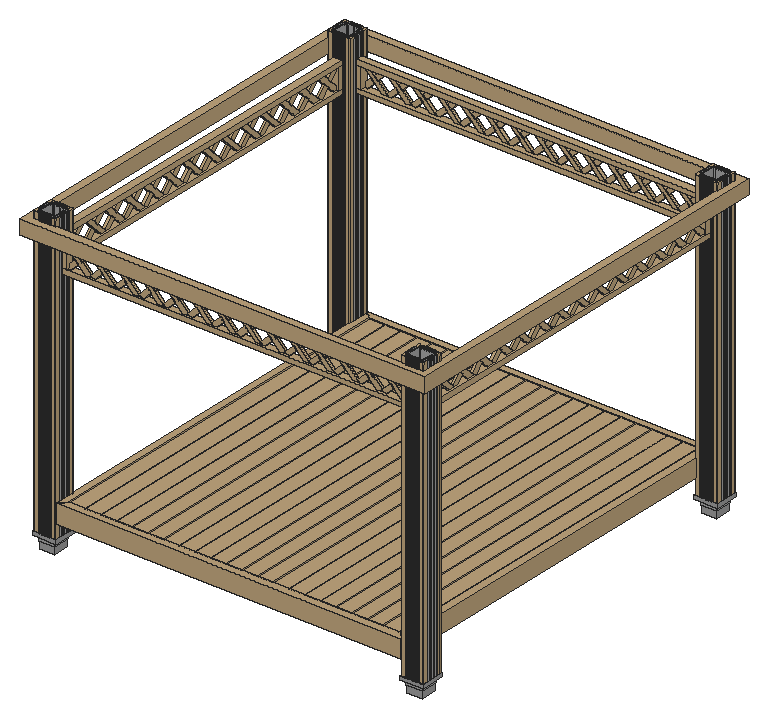
Revit family "L-FUR_파고라_DWP-530_데오스웍스", category 일반 모델, Revit 2021 (continued)
Definition of nested family "DWP-530_base"
  Forms (mm)
    Extrusion 18, solid, detail levels fine
      sketch origin (-7477.207, -2999.836, 0) x (1, 0, 0) y (0, 1, 0)
        loop
          line (11116.709, 3561.579) -> (11116.709, 3566.579) -> (11112.709, 3566.579) -> (11112.709, 3561.579) -> (11116.709, 3561.579)
        loop
          line (10959.209, 3542.673) -> (10946.709, 3542.673) -> (10946.709, 3521.986) -> (10959.209, 3521.986) -> (10959.209, 3542.673)
        loop
          line (10942.709, 3566.579) -> (10940.709, 3566.579) -> (10940.709, 3561.579) -> (10942.709, 3561.579) -> (10942.709, 3566.579)
        loop
          line (10944.709, 3549.673) -> (10944.709, 3554.673) -> (10940.709, 3554.673) -> (10940.709, 3549.673) -> (10944.709, 3549.673)
        loop
          line (10944.709, 3542.767) -> (10940.709, 3542.767) -> (10940.709, 3537.767) -> (10944.709, 3537.767) -> (10944.709, 3542.767)
        loop
          line (10944.709, 3530.861) -> (10940.709, 3530.861) -> (10940.709, 3525.861) -> (10944.709, 3525.861) -> (10944.709, 3530.861)
      from 2471.849 to 130
    Extrusion 19, solid, detail levels fine
      sketch origin (-7477.207, -2999.836, 0) x (1, 0, 0) y (0, 1, 0)
        loop
          line (10946.709, 3561.579) -> (10946.709, 3595.298) -> (10958.209, 3595.298) -> (10958.209, 3580.986)
          arc (10958.209, 3580.986) -> (10956.209, 3578.986) -> (10958.209, 3576.986) r 2
          line (10958.209, 3576.986) -> (10960.209, 3576.986) -> (10960.209, 3595.298) -> (10962.709, 3595.298) -> (10962.709, 3597.298) -> (10961.209, 3597.298) -> (10961.209, 3617.986) -> (10962.709, 3617.986) -> (10962.709, 3619.986) -> (10961.209, 3619.986) -> (10961.209, 3637.486) -> (10978.709, 3637.486) -> (10978.709, 3635.986) -> (10980.709, 3635.986) -> (10980.709, 3637.486) -> (11027.709, 3637.486) -> (11027.709, 3635.986) -> (11029.709, 3635.986) -> (11029.709, 3637.486) -> (11076.709, 3637.486) -> (11076.709, 3635.986) -> (11078.709, 3635.986) -> (11078.709, 3637.486) -> (11096.209, 3637.486) -> (11096.209, 3619.986) -> (11094.709, 3619.986) -> (11094.709, 3617.986) -> (11096.209, 3617.986) -> (11096.209, 3597.298) -> (11094.709, 3597.298) -> (11094.709, 3595.298) -> (11097.209, 3595.298) -> (11097.209, 3576.986) -> (11099.209, 3576.986)
          arc (11099.209, 3576.986) -> (11101.209, 3578.986) -> (11099.209, 3580.986) r 2
          line (11099.209, 3580.986) -> (11099.209, 3595.298) -> (11110.709, 3595.298) -> (11110.709, 3580.392) -> (11108.709, 3580.392) -> (11108.709, 3571.486) -> (11110.709, 3571.486) -> (11110.709, 3578.392) -> (11112.709, 3578.392) -> (11112.709, 3571.486) -> (11118.709, 3571.486) -> (11118.709, 3580.392) -> (11112.709, 3580.392) -> (11112.709, 3583.392) -> (11118.709, 3583.392) -> (11118.709, 3592.298) -> (11112.709, 3592.298) -> (11112.709, 3595.298) -> (11118.709, 3595.298) -> (11118.709, 3604.204) -> (11112.709, 3604.204) -> (11112.709, 3607.204) -> (11118.709, 3607.204) -> (11118.709, 3616.11) -> (11112.709, 3616.11) -> (11112.709, 3619.986) -> (11098.209, 3619.986) -> (11098.209, 3639.486) -> (11078.709, 3639.486) -> (11078.709, 3653.986) -> (11074.833, 3653.986) -> (11074.833, 3659.986) -> (11065.927, 3659.986) -> (11065.927, 3653.986) -> (11062.927, 3653.986) -> (11062.927, 3659.986) -> (11054.021, 3659.986) -> (11054.021, 3653.986) -> (11051.021, 3653.986) -> (11051.021, 3659.986) -> (11042.115, 3659.986) -> (11042.115, 3653.986) -> (11039.115, 3653.986) -> (11039.115, 3659.986) -> (11030.209, 3659.986) -> (11030.209, 3653.986) -> (11027.209, 3653.986) -> (11027.209, 3659.986) -> (11018.303, 3659.986) -> (11018.303, 3653.986) -> (11015.303, 3653.986) -> (11015.303, 3659.986) -> (11006.397, 3659.986) -> (11006.397, 3653.986) -> (11003.397, 3653.986) -> (11003.397, 3659.986) -> (10994.491, 3659.986) -> (10994.491, 3653.986) -> (10991.491, 3653.986) -> (10991.491, 3659.986) -> (10982.585, 3659.986) -> (10982.585, 3653.986) -> (10978.709, 3653.986) -> (10978.709, 3639.486) -> (10959.209, 3639.486) -> (10959.209, 3619.986) -> (10944.709, 3619.986) -> (10944.709, 3616.11) -> (10938.709, 3616.11) -> (10938.709, 3607.204) -> (10944.709, 3607.204) -> (10944.709, 3604.204) -> (10938.709, 3604.204) -> (10938.709, 3595.298) -> (10944.709, 3595.298) -> (10944.709, 3592.298) -> (10938.709, 3592.298) -> (10938.709, 3583.392) -> (10944.709, 3583.392) -> (10944.709, 3580.392) -> (10938.709, 3580.392) -> (10938.709, 3571.486) -> (10944.709, 3571.486) -> (10944.709, 3561.579) -> (10946.709, 3561.579)
        loop
          line (10946.709, 3597.298) -> (10959.209, 3597.298) -> (10959.209, 3617.986) -> (10946.709, 3617.986) -> (10946.709, 3597.298)
        loop
          line (10940.709, 3573.392) -> (10944.709, 3573.392) -> (10944.709, 3578.392) -> (10940.709, 3578.392) -> (10940.709, 3573.392)
        loop
          line (10944.709, 3585.298) -> (10944.709, 3590.298) -> (10940.709, 3590.298) -> (10940.709, 3585.298) -> (10944.709, 3585.298)
        loop
          line (10944.709, 3597.204) -> (10944.709, 3602.204) -> (10940.709, 3602.204) -> (10940.709, 3597.204) -> (10944.709, 3597.204)
        loop
          line (10944.709, 3614.11) -> (10940.709, 3614.11) -> (10940.709, 3609.11) -> (10944.709, 3609.11) -> (10944.709, 3614.11)
        loop
          line (11027.709, 3639.486) -> (11027.709, 3651.986) -> (11025.303, 3651.986) -> (11025.303, 3657.986) -> (11020.303, 3657.986) -> (11020.303, 3651.986) -> (11013.397, 3651.986) -> (11013.397, 3657.986) -> (11008.397, 3657.986) -> (11008.397, 3651.986) -> (11001.491, 3651.986) -> (11001.491, 3657.986) -> (10996.491, 3657.986) -> (10996.491, 3651.986) -> (10989.585, 3651.986) -> (10989.585, 3657.986) -> (10984.585, 3657.986) -> (10984.585, 3651.986) -> (10980.709, 3651.986) -> (10980.709, 3639.486) -> (11027.709, 3639.486)
        loop
          line (11076.709, 3639.486) -> (11076.709, 3651.986) -> (11072.833, 3651.986) -> (11072.833, 3657.986) -> (11067.833, 3657.986) -> (11067.833, 3651.986) -> (11060.927, 3651.986) -> (11060.927, 3657.986) -> (11055.927, 3657.986) -> (11055.927, 3651.986) -> (11049.021, 3651.986) -> (11049.021, 3657.986) -> (11044.021, 3657.986) -> (11044.021, 3651.986) -> (11037.115, 3651.986) -> (11037.115, 3657.986) -> (11032.115, 3657.986) -> (11032.115, 3651.986) -> (11029.709, 3651.986) -> (11029.709, 3639.486) -> (11076.709, 3639.486)
        loop
          line (11110.709, 3617.986) -> (11098.209, 3617.986) -> (11098.209, 3597.298) -> (11110.709, 3597.298) -> (11110.709, 3617.986)
        loop
          line (11112.709, 3614.11) -> (11112.709, 3609.11) -> (11116.709, 3609.11) -> (11116.709, 3614.11) -> (11112.709, 3614.11)
        loop
          line (11116.709, 3602.204) -> (11112.709, 3602.204) -> (11112.709, 3597.204) -> (11116.709, 3597.204) -> (11116.709, 3602.204)
        loop
          line (11116.709, 3585.298) -> (11116.709, 3590.298) -> (11112.709, 3590.298) -> (11112.709, 3585.298) -> (11116.709, 3585.298)
        loop
          line (11116.709, 3578.392) -> (11114.709, 3578.392) -> (11114.709, 3573.392) -> (11116.709, 3573.392) -> (11116.709, 3578.392)
      from 2471.849 to 130
    Extrusion 20, solid, detail levels fine
      sketch origin (0, 0, 0) x (1, 0, 0) y (0, 0, 1)
        loop
          line (3461.502, 2050) -> (3461.502, 2090) -> (641.666, 2090) -> (641.666, 2050) -> (3461.502, 2050)
        loop
          line (3461.502, 2300) -> (641.666, 2300) -> (641.666, 2260) -> (3461.502, 2260) -> (3461.502, 2300)
      from -540.1 to -600.1
    Extrusion 21, solid, detail levels fine
      sketch origin (0, 0, 0) x (1, 0, 0) y (0, 0, 1)
        loop
          line (681.502, 2260) -> (641.666, 2260) -> (641.666, 2090) -> (681.502, 2090) -> (681.502, 2260)
        loop
          line (3461.502, 2260) -> (3421.502, 2260) -> (3421.502, 2090) -> (3461.502, 2090) -> (3461.502, 2260)
      from -540.15 to -600.1
    Extrusion 22, solid, detail levels fine
      sketch origin (0, 0, 0) x (1, 0, 0) y (0, 0, 1)
        loop
          line (821.283, 2090) -> (877.852, 2090) -> (707.852, 2260) -> (681.502, 2260) -> (681.502, 2229.781) -> (821.283, 2090)
        loop
          line (1019.273, 2090) -> (1075.841, 2090) -> (905.841, 2260) -> (849.273, 2260) -> (1019.273, 2090)
        loop
          line (1217.263, 2090) -> (1273.831, 2090) -> (1103.831, 2260) -> (1047.263, 2260) -> (1217.263, 2090)
        loop
          line (1415.253, 2090) -> (1471.821, 2090) -> (1301.821, 2260) -> (1245.253, 2260) -> (1415.253, 2090)
        loop
          line (1613.243, 2090) -> (1669.811, 2090) -> (1499.811, 2260) -> (1443.243, 2260) -> (1613.243, 2090)
        loop
          line (1811.233, 2090) -> (1867.801, 2090) -> (1697.801, 2260) -> (1641.233, 2260) -> (1811.233, 2090)
        loop
          line (2009.222, 2090) -> (2065.791, 2090) -> (1895.791, 2260) -> (1839.222, 2260) -> (2009.222, 2090)
        loop
          line (2207.212, 2090) -> (2263.781, 2090) -> (2093.781, 2260) -> (2037.212, 2260) -> (2207.212, 2090)
        loop
          line (2405.202, 2090) -> (2461.771, 2090) -> (2291.771, 2260) -> (2235.202, 2260) -> (2405.202, 2090)
        loop
          line (2603.192, 2090) -> (2659.761, 2090) -> (2489.761, 2260) -> (2433.192, 2260) -> (2603.192, 2090)
        loop
          line (2801.182, 2090) -> (2857.751, 2090) -> (2687.751, 2260) -> (2631.182, 2260) -> (2801.182, 2090)
        loop
          line (2999.172, 2090) -> (3055.74, 2090) -> (2885.74, 2260) -> (2829.172, 2260) -> (2999.172, 2090)
        loop
          line (3197.162, 2090) -> (3253.73, 2090) -> (3083.73, 2260) -> (3027.162, 2260) -> (3197.162, 2090)
        loop
          line (3395.152, 2090) -> (3421.502, 2090) -> (3421.502, 2120.219) -> (3281.72, 2260) -> (3225.152, 2260) -> (3395.152, 2090)
      from -560.1 to -580.1
    Extrusion 23, solid, detail levels fine
      sketch origin (0, 0, 0) x (1, 0, 0) y (0, 0, 1)
        loop
          line (962.557, 2203.284) -> (990.841, 2175) -> (1061.552, 2245.711) -> (1047.263, 2260) -> (1019.273, 2260) -> (962.557, 2203.284)
        loop
          line (905.841, 2090) -> (962.557, 2146.716) -> (934.273, 2175) -> (863.562, 2104.289) -> (877.852, 2090) -> (905.841, 2090)
        loop
          line (764.567, 2203.284) -> (792.852, 2175) -> (863.562, 2245.711) -> (849.273, 2260) -> (821.283, 2260) -> (764.567, 2203.284)
        loop
          line (707.852, 2090) -> (764.567, 2146.716) -> (736.283, 2175) -> (681.502, 2120.219) -> (681.502, 2090) -> (707.852, 2090)
        loop
          line (1160.547, 2203.284) -> (1188.831, 2175) -> (1259.542, 2245.711) -> (1245.253, 2260) -> (1217.263, 2260) -> (1160.547, 2203.284)
        loop
          line (1103.831, 2090) -> (1160.547, 2146.716) -> (1132.263, 2175) -> (1061.552, 2104.289) -> (1075.841, 2090) -> (1103.831, 2090)
        loop
          line (1358.537, 2203.284) -> (1386.821, 2175) -> (1457.532, 2245.711) -> (1443.243, 2260) -> (1415.253, 2260) -> (1358.537, 2203.284)
        loop
          line (1301.821, 2090) -> (1358.537, 2146.716) -> (1330.253, 2175) -> (1259.542, 2104.289) -> (1273.831, 2090) -> (1301.821, 2090)
        loop
          line (1556.527, 2203.284) -> (1584.811, 2175) -> (1655.522, 2245.711) -> (1641.233, 2260) -> (1613.243, 2260) -> (1556.527, 2203.284)
        loop
          line (1499.811, 2090) -> (1556.527, 2146.716) -> (1528.243, 2175) -> (1457.532, 2104.289) -> (1471.821, 2090) -> (1499.811, 2090)
        loop
          line (1754.517, 2203.284) -> (1782.801, 2175) -> (1853.512, 2245.711) -> (1839.222, 2260) -> (1811.233, 2260) -> (1754.517, 2203.284)
        loop
          line (1697.801, 2090) -> (1754.517, 2146.716) -> (1726.233, 2175) -> (1655.522, 2104.289) -> (1669.811, 2090) -> (1697.801, 2090)
        loop
          line (1954.517, 2203.284) -> (1982.801, 2175) -> (2053.512, 2245.711) -> (2039.222, 2260) -> (2011.233, 2260) -> (1954.517, 2203.284)
        loop
          line (1897.801, 2090) -> (1954.517, 2146.716) -> (1926.233, 2175) -> (1855.522, 2104.289) -> (1869.811, 2090) -> (1897.801, 2090)
        loop
          line (2150.497, 2203.284) -> (2178.781, 2175) -> (2249.492, 2245.711) -> (2235.202, 2260) -> (2207.212, 2260) -> (2150.497, 2203.284)
        loop
          line (2093.781, 2090) -> (2150.497, 2146.716) -> (2122.212, 2175) -> (2051.502, 2104.289) -> (2065.791, 2090) -> (2093.781, 2090)
        loop
          line (2348.487, 2203.284) -> (2376.771, 2175) -> (2447.481, 2245.711) -> (2433.192, 2260) -> (2405.202, 2260) -> (2348.487, 2203.284)
        loop
          line (2291.771, 2090) -> (2348.487, 2146.716) -> (2320.202, 2175) -> (2249.492, 2104.289) -> (2263.781, 2090) -> (2291.771, 2090)
        loop
          line (2546.476, 2203.284) -> (2574.761, 2175) -> (2645.471, 2245.711) -> (2631.182, 2260) -> (2603.192, 2260) -> (2546.476, 2203.284)
        loop
          line (2489.761, 2090) -> (2546.476, 2146.716) -> (2518.192, 2175) -> (2447.481, 2104.289) -> (2461.771, 2090) -> (2489.761, 2090)
        loop
          line (2744.466, 2203.284) -> (2772.751, 2175) -> (2843.461, 2245.711) -> (2829.172, 2260) -> (2801.182, 2260) -> (2744.466, 2203.284)
        loop
          line (2687.751, 2090) -> (2744.466, 2146.716) -> (2716.182, 2175) -> (2645.471, 2104.289) -> (2659.761, 2090) -> (2687.751, 2090)
        loop
          line (2942.456, 2203.284) -> (2970.74, 2175) -> (3041.451, 2245.711) -> (3027.162, 2260) -> (2999.172, 2260) -> (2942.456, 2203.284)
        loop
          line (2885.74, 2090) -> (2942.456, 2146.716) -> (2914.172, 2175) -> (2843.461, 2104.289) -> (2857.751, 2090) -> (2885.74, 2090)
        loop
          line (3140.446, 2203.284) -> (3168.73, 2175) -> (3239.441, 2245.711) -> (3225.152, 2260) -> (3197.162, 2260) -> (3140.446, 2203.284)
        loop
          line (3083.73, 2090) -> (3140.446, 2146.716) -> (3112.162, 2175) -> (3041.451, 2104.289) -> (3055.74, 2090) -> (3083.73, 2090)
        loop
          line (3338.436, 2203.284) -> (3366.72, 2175) -> (3421.502, 2229.781) -> (3421.502, 2260) -> (3395.152, 2260) -> (3338.436, 2203.284)
        loop
          line (3281.72, 2090) -> (3338.436, 2146.716) -> (3310.152, 2175) -> (3239.441, 2104.289) -> (3253.73, 2090) -> (3281.72, 2090)
      from -560.1 to -580.1
    Extrusion 24, solid, detail levels fine
      sketch origin (0, 0, 0) x (1, 0, 0) y (0, 0, 1)
        loop
          line (3461.502, 2050) -> (3461.502, 2090) -> (641.666, 2090) -> (641.666, 2050) -> (3461.502, 2050)
        loop
          line (3461.502, 2300) -> (641.666, 2300) -> (641.666, 2260) -> (3461.502, 2260) -> (3461.502, 2300)
      from -3540 to -3600
    Extrusion 25, solid, detail levels fine
      sketch origin (0, 0, 0) x (1, 0, 0) y (0, 0, 1)
        loop
          line (681.502, 2260) -> (641.666, 2260) -> (641.666, 2090) -> (681.502, 2090) -> (681.502, 2260)
        loop
          line (3461.502, 2260) -> (3421.502, 2260) -> (3421.502, 2090) -> (3461.502, 2090) -> (3461.502, 2260)
      from -3540 to -3599.986
    Extrusion 26, solid, detail levels fine
      sketch origin (0, 0, 0) x (1, 0, 0) y (0, 0, 1)
        loop
          line (821.283, 2090) -> (877.852, 2090) -> (707.852, 2260) -> (681.502, 2260) -> (681.502, 2229.781) -> (821.283, 2090)
        loop
          line (1019.273, 2090) -> (1075.841, 2090) -> (905.841, 2260) -> (849.273, 2260) -> (1019.273, 2090)
        loop
          line (1217.263, 2090) -> (1273.831, 2090) -> (1103.831, 2260) -> (1047.263, 2260) -> (1217.263, 2090)
        loop
          line (1415.253, 2090) -> (1471.821, 2090) -> (1301.821, 2260) -> (1245.253, 2260) -> (1415.253, 2090)
        loop
          line (1613.243, 2090) -> (1669.811, 2090) -> (1499.811, 2260) -> (1443.243, 2260) -> (1613.243, 2090)
        loop
          line (1811.233, 2090) -> (1867.801, 2090) -> (1697.801, 2260) -> (1641.233, 2260) -> (1811.233, 2090)
        loop
          line (2009.222, 2090) -> (2065.791, 2090) -> (1895.791, 2260) -> (1839.222, 2260) -> (2009.222, 2090)
        loop
          line (2207.212, 2090) -> (2263.781, 2090) -> (2093.781, 2260) -> (2037.212, 2260) -> (2207.212, 2090)
        loop
          line (2405.202, 2090) -> (2461.771, 2090) -> (2291.771, 2260) -> (2235.202, 2260) -> (2405.202, 2090)
        loop
          line (2603.192, 2090) -> (2659.761, 2090) -> (2489.761, 2260) -> (2433.192, 2260) -> (2603.192, 2090)
        loop
          line (2801.182, 2090) -> (2857.751, 2090) -> (2687.751, 2260) -> (2631.182, 2260) -> (2801.182, 2090)
        loop
          line (2999.172, 2090) -> (3055.74, 2090) -> (2885.74, 2260) -> (2829.172, 2260) -> (2999.172, 2090)
        loop
          line (3197.162, 2090) -> (3253.73, 2090) -> (3083.73, 2260) -> (3027.162, 2260) -> (3197.162, 2090)
        loop
          line (3395.152, 2090) -> (3421.502, 2090) -> (3421.502, 2120.219) -> (3281.72, 2260) -> (3225.152, 2260) -> (3395.152, 2090)
      from -3580 to -3599.986
    Extrusion 27, solid, detail levels fine
      sketch origin (0, 0, 0) x (1, 0, 0) y (0, 0, 1)
        loop
          line (962.557, 2203.284) -> (990.841, 2175) -> (1061.552, 2245.711) -> (1047.263, 2260) -> (1019.273, 2260) -> (962.557, 2203.284)
        loop
          line (905.841, 2090) -> (962.557, 2146.716) -> (934.273, 2175) -> (863.562, 2104.289) -> (877.852, 2090) -> (905.841, 2090)
        loop
          line (764.567, 2203.284) -> (792.852, 2175) -> (863.562, 2245.711) -> (849.273, 2260) -> (821.283, 2260) -> (764.567, 2203.284)
        loop
          line (707.852, 2090) -> (764.567, 2146.716) -> (736.283, 2175) -> (681.502, 2120.219) -> (681.502, 2090) -> (707.852, 2090)
        loop
          line (1160.547, 2203.284) -> (1188.831, 2175) -> (1259.542, 2245.711) -> (1245.253, 2260) -> (1217.263, 2260) -> (1160.547, 2203.284)
        loop
          line (1103.831, 2090) -> (1160.547, 2146.716) -> (1132.263, 2175) -> (1061.552, 2104.289) -> (1075.841, 2090) -> (1103.831, 2090)
        loop
          line (1358.537, 2203.284) -> (1386.821, 2175) -> (1457.532, 2245.711) -> (1443.243, 2260) -> (1415.253, 2260) -> (1358.537, 2203.284)
        loop
          line (1301.821, 2090) -> (1358.537, 2146.716) -> (1330.253, 2175) -> (1259.542, 2104.289) -> (1273.831, 2090) -> (1301.821, 2090)
        loop
          line (1556.527, 2203.284) -> (1584.811, 2175) -> (1655.522, 2245.711) -> (1641.233, 2260) -> (1613.243, 2260) -> (1556.527, 2203.284)
        loop
          line (1499.811, 2090) -> (1556.527, 2146.716) -> (1528.243, 2175) -> (1457.532, 2104.289) -> (1471.821, 2090) -> (1499.811, 2090)
        loop
          line (1754.517, 2203.284) -> (1782.801, 2175) -> (1853.512, 2245.711) -> (1839.222, 2260) -> (1811.233, 2260) -> (1754.517, 2203.284)
        loop
          line (1697.801, 2090) -> (1754.517, 2146.716) -> (1726.233, 2175) -> (1655.522, 2104.289) -> (1669.811, 2090) -> (1697.801, 2090)
        loop
          line (1954.517, 2203.284) -> (1982.801, 2175) -> (2053.512, 2245.711) -> (2039.222, 2260) -> (2011.233, 2260) -> (1954.517, 2203.284)
        loop
          line (1897.801, 2090) -> (1954.517, 2146.716) -> (1926.233, 2175) -> (1855.522, 2104.289) -> (1869.811, 2090) -> (1897.801, 2090)
        loop
          line (2150.497, 2203.284) -> (2178.781, 2175) -> (2249.492, 2245.711) -> (2235.202, 2260) -> (2207.212, 2260) -> (2150.497, 2203.284)
        loop
          line (2093.781, 2090) -> (2150.497, 2146.716) -> (2122.212, 2175) -> (2051.502, 2104.289) -> (2065.791, 2090) -> (2093.781, 2090)
        loop
          line (2348.487, 2203.284) -> (2376.771, 2175) -> (2447.481, 2245.711) -> (2433.192, 2260) -> (2405.202, 2260) -> (2348.487, 2203.284)
        loop
          line (2291.771, 2090) -> (2348.487, 2146.716) -> (2320.202, 2175) -> (2249.492, 2104.289) -> (2263.781, 2090) -> (2291.771, 2090)
        loop
          line (2546.476, 2203.284) -> (2574.761, 2175) -> (2645.471, 2245.711) -> (2631.182, 2260) -> (2603.192, 2260) -> (2546.476, 2203.284)
        loop
          line (2489.761, 2090) -> (2546.476, 2146.716) -> (2518.192, 2175) -> (2447.481, 2104.289) -> (2461.771, 2090) -> (2489.761, 2090)
        loop
          line (2744.466, 2203.284) -> (2772.751, 2175) -> (2843.461, 2245.711) -> (2829.172, 2260) -> (2801.182, 2260) -> (2744.466, 2203.284)
        loop
          line (2687.751, 2090) -> (2744.466, 2146.716) -> (2716.182, 2175) -> (2645.471, 2104.289) -> (2659.761, 2090) -> (2687.751, 2090)
        loop
          line (2942.456, 2203.284) -> (2970.74, 2175) -> (3041.451, 2245.711) -> (3027.162, 2260) -> (2999.172, 2260) -> (2942.456, 2203.284)
        loop
          line (2885.74, 2090) -> (2942.456, 2146.716) -> (2914.172, 2175) -> (2843.461, 2104.289) -> (2857.751, 2090) -> (2885.74, 2090)
        loop
          line (3140.446, 2203.284) -> (3168.73, 2175) -> (3239.441, 2245.711) -> (3225.152, 2260) -> (3197.162, 2260) -> (3140.446, 2203.284)
        loop
          line (3083.73, 2090) -> (3140.446, 2146.716) -> (3112.162, 2175) -> (3041.451, 2104.289) -> (3055.74, 2090) -> (3083.73, 2090)
        loop
          line (3338.436, 2203.284) -> (3366.72, 2175) -> (3421.502, 2229.781) -> (3421.502, 2260) -> (3395.152, 2260) -> (3338.436, 2203.284)
        loop
          line (3281.72, 2090) -> (3338.436, 2146.716) -> (3310.152, 2175) -> (3239.441, 2104.289) -> (3253.73, 2090) -> (3281.72, 2090)
      from -3580 to -3599.986
    Extrusion 28, solid, detail levels fine
      sketch origin (0, 0, 0) x (0, 1, 0) y (0, 0, 1)
        loop
          line (3479.986, 2050) -> (3479.986, 2090) -> (660.15, 2090) -> (660.15, 2050) -> (3479.986, 2050)
        loop
          line (3479.986, 2300) -> (660.15, 2300) -> (660.15, 2260) -> (3479.986, 2260) -> (3479.986, 2300)
      from 581.7 to 521.7
    Extrusion 29, solid, detail levels fine
      sketch origin (0, 0, 0) x (0, 1, 0) y (0, 0, 1)
        loop
          line (700.15, 2260) -> (660.314, 2260) -> (660.314, 2090) -> (700.15, 2090) -> (700.15, 2260)
        loop
          line (3480.15, 2260) -> (3440.15, 2260) -> (3440.15, 2090) -> (3480.15, 2090) -> (3480.15, 2260)
      from 581.7 to 521.7
    Extrusion 30, solid, detail levels fine
      sketch origin (0, 0, 0) x (0, 1, 0) y (0, 0, 1)
        loop
          line (839.931, 2090) -> (896.5, 2090) -> (726.5, 2260) -> (700.15, 2260) -> (700.15, 2229.781) -> (839.931, 2090)
        loop
          line (1037.921, 2090) -> (1094.49, 2090) -> (924.49, 2260) -> (867.921, 2260) -> (1037.921, 2090)
        loop
          line (1235.911, 2090) -> (1292.479, 2090) -> (1122.479, 2260) -> (1065.911, 2260) -> (1235.911, 2090)
        loop
          line (1433.901, 2090) -> (1490.469, 2090) -> (1320.469, 2260) -> (1263.901, 2260) -> (1433.901, 2090)
        loop
          line (1631.891, 2090) -> (1688.459, 2090) -> (1518.459, 2260) -> (1461.891, 2260) -> (1631.891, 2090)
        loop
          line (1829.881, 2090) -> (1886.449, 2090) -> (1716.449, 2260) -> (1659.881, 2260) -> (1829.881, 2090)
        loop
          line (2027.871, 2090) -> (2084.439, 2090) -> (1914.439, 2260) -> (1857.871, 2260) -> (2027.871, 2090)
        loop
          line (2225.86, 2090) -> (2282.429, 2090) -> (2112.429, 2260) -> (2055.86, 2260) -> (2225.86, 2090)
        loop
          line (2423.85, 2090) -> (2480.419, 2090) -> (2310.419, 2260) -> (2253.85, 2260) -> (2423.85, 2090)
        loop
          line (2621.84, 2090) -> (2678.409, 2090) -> (2508.409, 2260) -> (2451.84, 2260) -> (2621.84, 2090)
        loop
          line (2819.83, 2090) -> (2876.399, 2090) -> (2706.399, 2260) -> (2649.83, 2260) -> (2819.83, 2090)
        loop
          line (3017.82, 2090) -> (3074.389, 2090) -> (2904.389, 2260) -> (2847.82, 2260) -> (3017.82, 2090)
        loop
          line (3215.81, 2090) -> (3272.378, 2090) -> (3102.378, 2260) -> (3045.81, 2260) -> (3215.81, 2090)
        loop
          line (3413.8, 2090) -> (3440.15, 2090) -> (3440.15, 2120.219) -> (3300.368, 2260) -> (3243.8, 2260) -> (3413.8, 2090)
      from 561.7 to 541.7
    Extrusion 31, solid, detail levels fine
      sketch origin (0, 0, 0) x (0, 1, 0) y (0, 0, 1)
        loop
          line (981.205, 2203.284) -> (1009.49, 2175) -> (1080.2, 2245.711) -> (1065.911, 2260) -> (1037.921, 2260) -> (981.205, 2203.284)
        loop
          line (924.49, 2090) -> (981.205, 2146.716) -> (952.921, 2175) -> (882.21, 2104.289) -> (896.5, 2090) -> (924.49, 2090)
        loop
          line (783.215, 2203.284) -> (811.5, 2175) -> (882.21, 2245.711) -> (867.921, 2260) -> (839.931, 2260) -> (783.215, 2203.284)
        loop
          line (726.5, 2090) -> (783.215, 2146.716) -> (754.931, 2175) -> (700.15, 2120.219) -> (700.15, 2090) -> (726.5, 2090)
        loop
          line (1179.195, 2203.284) -> (1207.479, 2175) -> (1278.19, 2245.711) -> (1263.901, 2260) -> (1235.911, 2260) -> (1179.195, 2203.284)
        loop
          line (1122.479, 2090) -> (1179.195, 2146.716) -> (1150.911, 2175) -> (1080.2, 2104.289) -> (1094.49, 2090) -> (1122.479, 2090)
        loop
          line (1377.185, 2203.284) -> (1405.469, 2175) -> (1476.18, 2245.711) -> (1461.891, 2260) -> (1433.901, 2260) -> (1377.185, 2203.284)
        loop
          line (1320.469, 2090) -> (1377.185, 2146.716) -> (1348.901, 2175) -> (1278.19, 2104.289) -> (1292.479, 2090) -> (1320.469, 2090)
        loop
          line (1575.175, 2203.284) -> (1603.459, 2175) -> (1674.17, 2245.711) -> (1659.881, 2260) -> (1631.891, 2260) -> (1575.175, 2203.284)
        loop
          line (1518.459, 2090) -> (1575.175, 2146.716) -> (1546.891, 2175) -> (1476.18, 2104.289) -> (1490.469, 2090) -> (1518.459, 2090)
        loop
          line (1773.165, 2203.284) -> (1801.449, 2175) -> (1872.16, 2245.711) -> (1857.871, 2260) -> (1829.881, 2260) -> (1773.165, 2203.284)
        loop
          line (1716.449, 2090) -> (1773.165, 2146.716) -> (1744.881, 2175) -> (1674.17, 2104.289) -> (1688.459, 2090) -> (1716.449, 2090)
        loop
          line (1973.165, 2203.284) -> (2001.449, 2175) -> (2072.16, 2245.711) -> (2057.871, 2260) -> (2029.881, 2260) -> (1973.165, 2203.284)
        loop
          line (1916.449, 2090) -> (1973.165, 2146.716) -> (1944.881, 2175) -> (1874.17, 2104.289) -> (1888.459, 2090) -> (1916.449, 2090)
        loop
          line (2169.145, 2203.284) -> (2197.429, 2175) -> (2268.14, 2245.711) -> (2253.85, 2260) -> (2225.86, 2260) -> (2169.145, 2203.284)
        loop
          line (2112.429, 2090) -> (2169.145, 2146.716) -> (2140.86, 2175) -> (2070.15, 2104.289) -> (2084.439, 2090) -> (2112.429, 2090)
        loop
          line (2367.135, 2203.284) -> (2395.419, 2175) -> (2466.13, 2245.711) -> (2451.84, 2260) -> (2423.85, 2260) -> (2367.135, 2203.284)
        loop
          line (2310.419, 2090) -> (2367.135, 2146.716) -> (2338.85, 2175) -> (2268.14, 2104.289) -> (2282.429, 2090) -> (2310.419, 2090)
        loop
          line (2565.125, 2203.284) -> (2593.409, 2175) -> (2664.119, 2245.711) -> (2649.83, 2260) -> (2621.84, 2260) -> (2565.125, 2203.284)
        loop
          line (2508.409, 2090) -> (2565.125, 2146.716) -> (2536.84, 2175) -> (2466.13, 2104.289) -> (2480.419, 2090) -> (2508.409, 2090)
        loop
          line (2763.114, 2203.284) -> (2791.399, 2175) -> (2862.109, 2245.711) -> (2847.82, 2260) -> (2819.83, 2260) -> (2763.114, 2203.284)
        loop
          line (2706.399, 2090) -> (2763.114, 2146.716) -> (2734.83, 2175) -> (2664.119, 2104.289) -> (2678.409, 2090) -> (2706.399, 2090)
        loop
          line (2961.104, 2203.284) -> (2989.389, 2175) -> (3060.099, 2245.711) -> (3045.81, 2260) -> (3017.82, 2260) -> (2961.104, 2203.284)
        loop
          line (2904.389, 2090) -> (2961.104, 2146.716) -> (2932.82, 2175) -> (2862.109, 2104.289) -> (2876.399, 2090) -> (2904.389, 2090)
        loop
          line (3159.094, 2203.284) -> (3187.378, 2175) -> (3258.089, 2245.711) -> (3243.8, 2260) -> (3215.81, 2260) -> (3159.094, 2203.284)
        loop
          line (3102.378, 2090) -> (3159.094, 2146.716) -> (3130.81, 2175) -> (3060.099, 2104.289) -> (3074.389, 2090) -> (3102.378, 2090)
        loop
          line (3357.084, 2203.284) -> (3385.368, 2175) -> (3440.15, 2229.781) -> (3440.15, 2260) -> (3413.8, 2260) -> (3357.084, 2203.284)
        loop
          line (3300.368, 2090) -> (3357.084, 2146.716) -> (3328.8, 2175) -> (3258.089, 2104.289) -> (3272.378, 2090) -> (3300.368, 2090)
      from 561.7 to 541.7
    Extrusion 32, solid, detail levels fine
      sketch origin (0, 0, 0) x (0, 1, 0) y (0, 0, 1)
        loop
          line (3479.986, 2050) -> (3479.986, 2090) -> (660.15, 2090) -> (660.15, 2050) -> (3479.986, 2050)
        loop
          line (3479.986, 2300) -> (660.15, 2300) -> (660.15, 2260) -> (3479.986, 2260) -> (3479.986, 2300)
      from 3581.5 to 3521.5
    Extrusion 33, solid, detail levels fine
      sketch origin (0, 0, 0) x (0, 1, 0) y (0, 0, 1)
        loop
          line (700.15, 2260) -> (660.314, 2260) -> (660.314, 2090) -> (700.15, 2090) -> (700.15, 2260)
        loop
          line (3480.15, 2260) -> (3440.15, 2260) -> (3440.15, 2090) -> (3480.15, 2090) -> (3480.15, 2260)
      from 3581.5 to 3521.5
    Extrusion 34, solid, detail levels fine
      sketch origin (0, 0, 0) x (0, 1, 0) y (0, 0, 1)
        loop
          line (981.205, 2203.284) -> (1009.49, 2175) -> (1080.2, 2245.711) -> (1065.911, 2260) -> (1037.921, 2260) -> (981.205, 2203.284)
        loop
          line (924.49, 2090) -> (981.205, 2146.716) -> (952.921, 2175) -> (882.21, 2104.289) -> (896.5, 2090) -> (924.49, 2090)
        loop
          line (783.215, 2203.284) -> (811.5, 2175) -> (882.21, 2245.711) -> (867.921, 2260) -> (839.931, 2260) -> (783.215, 2203.284)
        loop
          line (726.5, 2090) -> (783.215, 2146.716) -> (754.931, 2175) -> (700.15, 2120.219) -> (700.15, 2090) -> (726.5, 2090)
        loop
          line (1179.195, 2203.284) -> (1207.479, 2175) -> (1278.19, 2245.711) -> (1263.901, 2260) -> (1235.911, 2260) -> (1179.195, 2203.284)
        loop
          line (1122.479, 2090) -> (1179.195, 2146.716) -> (1150.911, 2175) -> (1080.2, 2104.289) -> (1094.49, 2090) -> (1122.479, 2090)
        loop
          line (1377.185, 2203.284) -> (1405.469, 2175) -> (1476.18, 2245.711) -> (1461.891, 2260) -> (1433.901, 2260) -> (1377.185, 2203.284)
        loop
          line (1320.469, 2090) -> (1377.185, 2146.716) -> (1348.901, 2175) -> (1278.19, 2104.289) -> (1292.479, 2090) -> (1320.469, 2090)
        loop
          line (1575.175, 2203.284) -> (1603.459, 2175) -> (1674.17, 2245.711) -> (1659.881, 2260) -> (1631.891, 2260) -> (1575.175, 2203.284)
        loop
          line (1518.459, 2090) -> (1575.175, 2146.716) -> (1546.891, 2175) -> (1476.18, 2104.289) -> (1490.469, 2090) -> (1518.459, 2090)
        loop
          line (1773.165, 2203.284) -> (1801.449, 2175) -> (1872.16, 2245.711) -> (1857.871, 2260) -> (1829.881, 2260) -> (1773.165, 2203.284)
        loop
          line (1716.449, 2090) -> (1773.165, 2146.716) -> (1744.881, 2175) -> (1674.17, 2104.289) -> (1688.459, 2090) -> (1716.449, 2090)
        loop
          line (1973.165, 2203.284) -> (2001.449, 2175) -> (2072.16, 2245.711) -> (2057.871, 2260) -> (2029.881, 2260) -> (1973.165, 2203.284)
        loop
          line (1916.449, 2090) -> (1973.165, 2146.716) -> (1944.881, 2175) -> (1874.17, 2104.289) -> (1888.459, 2090) -> (1916.449, 2090)
        loop
          line (2169.145, 2203.284) -> (2197.429, 2175) -> (2268.14, 2245.711) -> (2253.85, 2260) -> (2225.86, 2260) -> (2169.145, 2203.284)
        loop
          line (2112.429, 2090) -> (2169.145, 2146.716) -> (2140.86, 2175) -> (2070.15, 2104.289) -> (2084.439, 2090) -> (2112.429, 2090)
        loop
          line (2367.135, 2203.284) -> (2395.419, 2175) -> (2466.13, 2245.711) -> (2451.84, 2260) -> (2423.85, 2260) -> (2367.135, 2203.284)
        loop
          line (2310.419, 2090) -> (2367.135, 2146.716) -> (2338.85, 2175) -> (2268.14, 2104.289) -> (2282.429, 2090) -> (2310.419, 2090)
        loop
          line (2565.125, 2203.284) -> (2593.409, 2175) -> (2664.119, 2245.711) -> (2649.83, 2260) -> (2621.84, 2260) -> (2565.125, 2203.284)
        loop
          line (2508.409, 2090) -> (2565.125, 2146.716) -> (2536.84, 2175) -> (2466.13, 2104.289) -> (2480.419, 2090) -> (2508.409, 2090)
        loop
          line (2763.114, 2203.284) -> (2791.399, 2175) -> (2862.109, 2245.711) -> (2847.82, 2260) -> (2819.83, 2260) -> (2763.114, 2203.284)
        loop
          line (2706.399, 2090) -> (2763.114, 2146.716) -> (2734.83, 2175) -> (2664.119, 2104.289) -> (2678.409, 2090) -> (2706.399, 2090)
        loop
          line (2961.104, 2203.284) -> (2989.389, 2175) -> (3060.099, 2245.711) -> (3045.81, 2260) -> (3017.82, 2260) -> (2961.104, 2203.284)
        loop
          line (2904.389, 2090) -> (2961.104, 2146.716) -> (2932.82, 2175) -> (2862.109, 2104.289) -> (2876.399, 2090) -> (2904.389, 2090)
        loop
          line (3159.094, 2203.284) -> (3187.378, 2175) -> (3258.089, 2245.711) -> (3243.8, 2260) -> (3215.81, 2260) -> (3159.094, 2203.284)
        loop
          line (3102.378, 2090) -> (3159.094, 2146.716) -> (3130.81, 2175) -> (3060.099, 2104.289) -> (3074.389, 2090) -> (3102.378, 2090)
        loop
          line (3357.084, 2203.284) -> (3385.368, 2175) -> (3440.15, 2229.781) -> (3440.15, 2260) -> (3413.8, 2260) -> (3357.084, 2203.284)
        loop
          line (3300.368, 2090) -> (3357.084, 2146.716) -> (3328.8, 2175) -> (3258.089, 2104.289) -> (3272.378, 2090) -> (3300.368, 2090)
      from 3561.5 to 3541.5
    Extrusion 35, solid, detail levels fine
      sketch origin (0, 0, 0) x (0, 1, 0) y (0, 0, 1)
        loop
          line (839.931, 2090) -> (896.5, 2090) -> (726.5, 2260) -> (700.15, 2260) -> (700.15, 2229.781) -> (839.931, 2090)
        loop
          line (1037.921, 2090) -> (1094.49, 2090) -> (924.49, 2260) -> (867.921, 2260) -> (1037.921, 2090)
        loop
          line (1235.911, 2090) -> (1292.479, 2090) -> (1122.479, 2260) -> (1065.911, 2260) -> (1235.911, 2090)
        loop
          line (1433.901, 2090) -> (1490.469, 2090) -> (1320.469, 2260) -> (1263.901, 2260) -> (1433.901, 2090)
        loop
          line (1631.891, 2090) -> (1688.459, 2090) -> (1518.459, 2260) -> (1461.891, 2260) -> (1631.891, 2090)
        loop
          line (1829.881, 2090) -> (1886.449, 2090) -> (1716.449, 2260) -> (1659.881, 2260) -> (1829.881, 2090)
        loop
          line (2027.871, 2090) -> (2084.439, 2090) -> (1914.439, 2260) -> (1857.871, 2260) -> (2027.871, 2090)
        loop
          line (2225.86, 2090) -> (2282.429, 2090) -> (2112.429, 2260) -> (2055.86, 2260) -> (2225.86, 2090)
        loop
          line (2423.85, 2090) -> (2480.419, 2090) -> (2310.419, 2260) -> (2253.85, 2260) -> (2423.85, 2090)
        loop
          line (2621.84, 2090) -> (2678.409, 2090) -> (2508.409, 2260) -> (2451.84, 2260) -> (2621.84, 2090)
        loop
          line (2819.83, 2090) -> (2876.399, 2090) -> (2706.399, 2260) -> (2649.83, 2260) -> (2819.83, 2090)
        loop
          line (3017.82, 2090) -> (3074.389, 2090) -> (2904.389, 2260) -> (2847.82, 2260) -> (3017.82, 2090)
        loop
          line (3215.81, 2090) -> (3272.378, 2090) -> (3102.378, 2260) -> (3045.81, 2260) -> (3215.81, 2090)
        loop
          line (3413.8, 2090) -> (3440.15, 2090) -> (3440.15, 2120.219) -> (3300.368, 2260) -> (3243.8, 2260) -> (3413.8, 2090)
      from 3561.5 to 3541.5
    Extrusion 36, solid, detail levels fine
      sketch origin (-3388.688, 822.17, 0) x (1, 0, 0) y (0, 1, 0)
        loop
          line (3845.354, -157.02) -> (3845.354, -347.02) -> (4035.354, -347.02) -> (4035.354, -157.02) -> (3845.354, -157.02)
        loop
          line (4035.354, 2842.815) -> (3845.354, 2842.815) -> (3845.354, 2652.815) -> (4035.354, 2652.815) -> (4035.354, 2842.815)
        loop
          line (6845.19, 2842.815) -> (6845.19, 2652.815) -> (7035.19, 2652.815) -> (7035.19, 2842.815) -> (6845.19, 2842.815)
        loop
          line (7035.19, -157.02) -> (6845.19, -157.02) -> (6845.19, -347.02) -> (7035.19, -347.02) -> (7035.19, -157.02)
      from 130 to 100
    Extrusion 37, solid, detail levels fine
      sketch origin (-245.408, 1331.553, 0) x (1, 0, 0) y (0, 1, 0)
        loop
          line (3729.409, -693.903) -> (3729.409, -828.903) -> (3864.409, -828.903) -> (3864.409, -693.903) -> (3729.409, -693.903)
        loop
          line (3864.409, 2305.933) -> (3729.409, 2305.933) -> (3729.409, 2170.933) -> (3864.409, 2170.933) -> (3864.409, 2305.933)
        loop
          line (864.573, 2305.933) -> (729.573, 2305.933) -> (729.573, 2170.933) -> (864.573, 2170.933) -> (864.573, 2305.933)
        loop
          line (864.573, -693.903) -> (729.573, -693.903) -> (729.573, -828.903) -> (864.573, -828.903) -> (864.573, -693.903)
      from 100 to 60
    Extrusion 38, solid, detail levels fine
      sketch origin (0, 0, 0) x (1, 0, 0) y (0, 1, 0)
        loop
          line (3489.002, 632.65) -> (3489.002, 507.65) -> (3614.002, 507.65) -> (3614.002, 632.65) -> (3489.002, 632.65)
        loop
          line (3489.002, 3632.486) -> (3489.002, 3507.486) -> (3614.002, 3507.486) -> (3614.002, 3632.486) -> (3489.002, 3632.486)
        loop
          line (489.166, 3632.486) -> (489.166, 3507.486) -> (614.166, 3507.486) -> (614.166, 3632.486) -> (489.166, 3632.486)
        loop
          line (489.166, 632.65) -> (489.166, 507.65) -> (614.166, 507.65) -> (614.166, 632.65) -> (489.166, 632.65)
      from 60 to 0
    Extrusion 39, solid, detail levels fine
      sketch origin (0, 0, 0) x (1, 0, 0) y (0, 1, 0)
        loop
          line (1991.502, 2129.893) -> (1991.502, 2010.15) -> (2111.502, 2010.15) -> (2111.502, 2129.893) -> (1991.502, 2129.893)
      from 360 to 0
    Extrusion 40, solid, detail levels fine
      sketch origin (0, 0, 0) x (1, 0, 0) y (0, 1, 0)
        loop
          line (3701.42, 420.15) -> (3701.42, 3719.986) -> (401.666, 3719.986) -> (401.666, 420.15) -> (3701.42, 420.15)
        loop
          line (3641.42, 3659.986) -> (461.666, 3659.986) -> (461.666, 480.15) -> (3641.42, 480.15) -> (3641.42, 3659.986)
      from 2420 to 2300
    Extrusion 41, solid, detail levels coarse+medium
      sketch origin (0, 0, 0) x (1, 0, 0) y (0, 0, 1)
        loop
          line (713.502, 400) -> (713.502, 360) -> (3393.502, 360) -> (3393.502, 400) -> (713.502, 400)
      from -540.15 to -3599.986
    Extrusion 42, solid, detail levels coarse+medium
      sketch origin (-7477.207, 0, 0) x (1, 0, 0) y (0, 1, 0)
        loop
          line (8178.873, 3599.986) -> (10878.709, 3599.986) -> (10938.709, 3659.986) -> (8118.873, 3659.986) -> (8178.873, 3599.986)
        loop
          line (8178.873, 540.15) -> (8118.873, 480.15) -> (10938.709, 480.15) -> (10878.709, 540.15) -> (8178.873, 540.15)
      from 400 to 250
    Extrusion 43, solid, detail levels coarse+medium
      sketch origin (-7477.207, 0, 0) x (1, 0, 0) y (0, 1, 0)
        loop
          line (8118.873, 480.15) -> (8178.873, 540.15) -> (8178.873, 3599.986) -> (8118.873, 3659.986) -> (8118.873, 480.15)
        loop
          line (10878.709, 540.15) -> (10938.709, 480.15) -> (10938.709, 3659.986) -> (10878.709, 3599.986) -> (10878.709, 540.15)
      from 400 to 250
    Extrusion 44, solid, detail levels coarse+medium
      sketch origin (-10477.043, -2999.836, 0) x (1, 0, 0) y (0, 1, 0)
        loop
          line (11078.709, 3639.486) -> (11098.209, 3639.486) -> (11098.209, 3619.986) -> (11118.709, 3619.986) -> (11118.709, 3659.986) -> (11078.709, 3659.986) -> (11078.709, 3639.486)
        loop
          line (10978.709, 3639.486) -> (10978.709, 3659.986) -> (10938.709, 3659.986) -> (10938.709, 3619.986) -> (10959.209, 3619.986) -> (10959.209, 3639.486) -> (10978.709, 3639.486)
        loop
          line (10978.709, 3500.486) -> (10959.209, 3500.486) -> (10959.209, 3519.986) -> (10938.709, 3519.986) -> (10938.709, 3479.986) -> (10978.709, 3479.986) -> (10978.709, 3500.486)
        loop
          line (11078.709, 3500.486) -> (11078.709, 3479.986) -> (11118.709, 3479.986) -> (11118.709, 3519.986) -> (11098.209, 3519.986) -> (11098.209, 3500.486) -> (11078.709, 3500.486)
      from 2471.849 to 130
    Extrusion 45, solid, detail levels coarse+medium
      sketch origin (-10477.043, -2999.836, 0) x (1, 0, 0) y (0, 1, 0)
        loop
          line (10959.209, 3619.986) -> (10938.709, 3619.986) -> (10938.709, 3519.986) -> (10959.209, 3519.986) -> (10959.209, 3500.486) -> (10978.709, 3500.486) -> (10978.709, 3479.986) -> (11078.709, 3479.986) -> (11078.709, 3500.486) -> (11098.209, 3500.486) -> (11098.209, 3519.986) -> (11118.709, 3519.986) -> (11118.709, 3619.986) -> (11098.209, 3619.986) -> (11098.209, 3639.486) -> (11078.709, 3639.486) -> (11078.709, 3659.986) -> (10978.709, 3659.986) -> (10978.709, 3639.486) -> (10959.209, 3639.486) -> (10959.209, 3619.986)
      from 2471.849 to 130
    Extrusion 46, solid, detail levels coarse+medium
      sketch origin (0, 0, 0) x (1, 0, 0) y (0, 0, 1)
        loop
          line (3461.502, 2050) -> (3461.502, 2090) -> (641.666, 2090) -> (641.666, 2050) -> (3461.502, 2050)
        loop
          line (3461.502, 2300) -> (641.666, 2300) -> (641.666, 2260) -> (3461.502, 2260) -> (3461.502, 2300)
      from -540.1 to -600.1
    Extrusion 47, solid, detail levels coarse+medium
      sketch origin (0, 0, 0) x (1, 0, 0) y (0, 0, 1)
        loop
          line (681.502, 2260) -> (641.666, 2260) -> (641.666, 2090) -> (681.502, 2090) -> (681.502, 2260)
        loop
          line (3461.502, 2260) -> (3421.502, 2260) -> (3421.502, 2090) -> (3461.502, 2090) -> (3461.502, 2260)
      from -540.15 to -600.1
    Extrusion 48, solid, detail levels coarse+medium
      sketch origin (0, 0, 0) x (1, 0, 0) y (0, 0, 1)
        loop
          line (3461.502, 2050) -> (3461.502, 2090) -> (641.666, 2090) -> (641.666, 2050) -> (3461.502, 2050)
        loop
          line (3461.502, 2300) -> (641.666, 2300) -> (641.666, 2260) -> (3461.502, 2260) -> (3461.502, 2300)
      from -3540 to -3600
    Extrusion 49, solid, detail levels coarse+medium
      sketch origin (0, 0, 0) x (1, 0, 0) y (0, 0, 1)
        loop
          line (681.502, 2260) -> (641.666, 2260) -> (641.666, 2090) -> (681.502, 2090) -> (681.502, 2260)
        loop
          line (3461.502, 2260) -> (3421.502, 2260) -> (3421.502, 2090) -> (3461.502, 2090) -> (3461.502, 2260)
      from -3540 to -3599.986
    Extrusion 50, solid, detail levels coarse+medium
      sketch origin (0, 0, 0) x (0, 1, 0) y (0, 0, 1)
        loop
          line (3479.986, 2050) -> (3479.986, 2090) -> (660.15, 2090) -> (660.15, 2050) -> (3479.986, 2050)
        loop
          line (3479.986, 2300) -> (660.15, 2300) -> (660.15, 2260) -> (3479.986, 2260) -> (3479.986, 2300)
      from 581.7 to 521.7
    Extrusion 51, solid, detail levels coarse+medium
      sketch origin (0, 0, 0) x (0, 1, 0) y (0, 0, 1)
        loop
          line (700.15, 2260) -> (660.314, 2260) -> (660.314, 2090) -> (700.15, 2090) -> (700.15, 2260)
        loop
          line (3480.15, 2260) -> (3440.15, 2260) -> (3440.15, 2090) -> (3480.15, 2090) -> (3480.15, 2260)
      from 581.7 to 521.7
    Extrusion 52, solid, detail levels coarse+medium
      sketch origin (0, 0, 0) x (0, 1, 0) y (0, 0, 1)
        loop
          line (3479.986, 2050) -> (3479.986, 2090) -> (660.15, 2090) -> (660.15, 2050) -> (3479.986, 2050)
        loop
          line (3479.986, 2300) -> (660.15, 2300) -> (660.15, 2260) -> (3479.986, 2260) -> (3479.986, 2300)
      from 3581.5 to 3521.5
    Extrusion 53, solid, detail levels coarse+medium
      sketch origin (0, 0, 0) x (0, 1, 0) y (0, 0, 1)
        loop
          line (700.15, 2260) -> (660.314, 2260) -> (660.314, 2090) -> (700.15, 2090) -> (700.15, 2260)
        loop
          line (3480.15, 2260) -> (3440.15, 2260) -> (3440.15, 2090) -> (3480.15, 2090) -> (3480.15, 2260)
      from 3581.5 to 3521.5
    Extrusion 54, solid, detail levels coarse+medium
      sketch origin (-3388.688, 822.17, 0) x (1, 0, 0) y (0, 1, 0)
        loop
          line (3845.354, -157.02) -> (3845.354, -347.02) -> (4035.354, -347.02) -> (4035.354, -157.02) -> (3845.354, -157.02)
        loop
          line (4035.354, 2842.815) -> (3845.354, 2842.815) -> (3845.354, 2652.815) -> (4035.354, 2652.815) -> (4035.354, 2842.815)
        loop
          line (6845.19, 2842.815) -> (6845.19, 2652.815) -> (7035.19, 2652.815) -> (7035.19, 2842.815) -> (6845.19, 2842.815)
        loop
          line (7035.19, -157.02) -> (6845.19, -157.02) -> (6845.19, -347.02) -> (7035.19, -347.02) -> (7035.19, -157.02)
      from 130 to 0
    Extrusion 55, solid, detail levels coarse+medium
      sketch origin (0, 0, 0) x (1, 0, 0) y (0, 1, 0)
        loop
          line (3701.42, 420.15) -> (3701.42, 3719.986) -> (401.666, 3719.986) -> (401.666, 420.15) -> (3701.42, 420.15)
        loop
          line (3641.42, 3659.986) -> (461.666, 3659.986) -> (461.666, 480.15) -> (3641.42, 480.15) -> (3641.42, 3659.986)
      from 2420 to 2300
    Extrusion 56, solid, detail levels coarse+medium
      sketch origin (-7477.289, -2999.836, 0) x (1, 0, 0) y (0, 1, 0)
        loop
          line (11078.709, 3639.486) -> (11098.209, 3639.486) -> (11098.209, 3619.986) -> (11118.709, 3619.986) -> (11118.709, 3659.986) -> (11078.709, 3659.986) -> (11078.709, 3639.486)
        loop
          line (10978.709, 3639.486) -> (10978.709, 3659.986) -> (10938.709, 3659.986) -> (10938.709, 3619.986) -> (10959.209, 3619.986) -> (10959.209, 3639.486) -> (10978.709, 3639.486)
        loop
          line (10978.709, 3500.486) -> (10959.209, 3500.486) -> (10959.209, 3519.986) -> (10938.709, 3519.986) -> (10938.709, 3479.986) -> (10978.709, 3479.986) -> (10978.709, 3500.486)
        loop
          line (11078.709, 3500.486) -> (11078.709, 3479.986) -> (11118.709, 3479.986) -> (11118.709, 3519.986) -> (11098.209, 3519.986) -> (11098.209, 3500.486) -> (11078.709, 3500.486)
      from 2471.849 to 130
    Extrusion 57, solid, detail levels coarse+medium
      sketch origin (-7477.289, -2999.836, 0) x (1, 0, 0) y (0, 1, 0)
        loop
          line (10959.209, 3619.986) -> (10938.709, 3619.986) -> (10938.709, 3519.986) -> (10959.209, 3519.986) -> (10959.209, 3500.486) -> (10978.709, 3500.486) -> (10978.709, 3479.986) -> (11078.709, 3479.986) -> (11078.709, 3500.486) -> (11098.209, 3500.486) -> (11098.209, 3519.986) -> (11118.709, 3519.986) -> (11118.709, 3619.986) -> (11098.209, 3619.986) -> (11098.209, 3639.486) -> (11078.709, 3639.486) -> (11078.709, 3659.986) -> (10978.709, 3659.986) -> (10978.709, 3639.486) -> (10959.209, 3639.486) -> (10959.209, 3619.986)
      from 2471.849 to 130
    Extrusion 58, solid, detail levels coarse+medium
      sketch origin (-7477.289, 0, 0) x (1, 0, 0) y (0, 1, 0)
        loop
          line (11078.709, 3639.486) -> (11098.209, 3639.486) -> (11098.209, 3619.986) -> (11118.709, 3619.986) -> (11118.709, 3659.986) -> (11078.709, 3659.986) -> (11078.709, 3639.486)
        loop
          line (10978.709, 3639.486) -> (10978.709, 3659.986) -> (10938.709, 3659.986) -> (10938.709, 3619.986) -> (10959.209, 3619.986) -> (10959.209, 3639.486) -> (10978.709, 3639.486)
        loop
          line (10978.709, 3500.486) -> (10959.209, 3500.486) -> (10959.209, 3519.986) -> (10938.709, 3519.986) -> (10938.709, 3479.986) -> (10978.709, 3479.986) -> (10978.709, 3500.486)
        loop
          line (11078.709, 3500.486) -> (11078.709, 3479.986) -> (11118.709, 3479.986) -> (11118.709, 3519.986) -> (11098.209, 3519.986) -> (11098.209, 3500.486) -> (11078.709, 3500.486)
      from 2471.849 to 130
    Extrusion 59, solid, detail levels coarse+medium
      sketch origin (-7477.289, 0, 0) x (1, 0, 0) y (0, 1, 0)
        loop
          line (10959.209, 3619.986) -> (10938.709, 3619.986) -> (10938.709, 3519.986) -> (10959.209, 3519.986) -> (10959.209, 3500.486) -> (10978.709, 3500.486) -> (10978.709, 3479.986) -> (11078.709, 3479.986) -> (11078.709, 3500.486) -> (11098.209, 3500.486) -> (11098.209, 3519.986) -> (11118.709, 3519.986) -> (11118.709, 3619.986) -> (11098.209, 3619.986) -> (11098.209, 3639.486) -> (11078.709, 3639.486) -> (11078.709, 3659.986) -> (10978.709, 3659.986) -> (10978.709, 3639.486) -> (10959.209, 3639.486) -> (10959.209, 3619.986)
      from 2471.849 to 130
    Extrusion 60, solid, detail levels coarse+medium
      sketch origin (-10477.043, 0, 0) x (1, 0, 0) y (0, 1, 0)
        loop
          line (11078.709, 3639.486) -> (11098.209, 3639.486) -> (11098.209, 3619.986) -> (11118.709, 3619.986) -> (11118.709, 3659.986) -> (11078.709, 3659.986) -> (11078.709, 3639.486)
        loop
          line (10978.709, 3639.486) -> (10978.709, 3659.986) -> (10938.709, 3659.986) -> (10938.709, 3619.986) -> (10959.209, 3619.986) -> (10959.209, 3639.486) -> (10978.709, 3639.486)
        loop
          line (10978.709, 3500.486) -> (10959.209, 3500.486) -> (10959.209, 3519.986) -> (10938.709, 3519.986) -> (10938.709, 3479.986) -> (10978.709, 3479.986) -> (10978.709, 3500.486)
        loop
          line (11078.709, 3500.486) -> (11078.709, 3479.986) -> (11118.709, 3479.986) -> (11118.709, 3519.986) -> (11098.209, 3519.986) -> (11098.209, 3500.486) -> (11078.709, 3500.486)
      from 2471.849 to 130
    Extrusion 61, solid, detail levels coarse+medium
      sketch origin (-10477.043, 0, 0) x (1, 0, 0) y (0, 1, 0)
        loop
          line (10959.209, 3619.986) -> (10938.709, 3619.986) -> (10938.709, 3519.986) -> (10959.209, 3519.986) -> (10959.209, 3500.486) -> (10978.709, 3500.486) -> (10978.709, 3479.986) -> (11078.709, 3479.986) -> (11078.709, 3500.486) -> (11098.209, 3500.486) -> (11098.209, 3519.986) -> (11118.709, 3519.986) -> (11118.709, 3619.986) -> (11098.209, 3619.986) -> (11098.209, 3639.486) -> (11078.709, 3639.486) -> (11078.709, 3659.986) -> (10978.709, 3659.986) -> (10978.709, 3639.486) -> (10959.209, 3639.486) -> (10959.209, 3619.986)
      from 2471.849 to 130
    Extrusion 62, solid, detail levels coarse+medium
      sketch origin (-6500, 0, 0) x (1, 0, 0) y (0, 1, 0)
        loop
          line (10601.341, 19.083) -> (10601.341, 4119.083) -> (6501.341, 4119.083) -> (6501.341, 19.083) -> (10601.341, 19.083)
      from 2471.849 to 2651.019
  Dimensions and locks
    aligned and locked: level to plane 2
